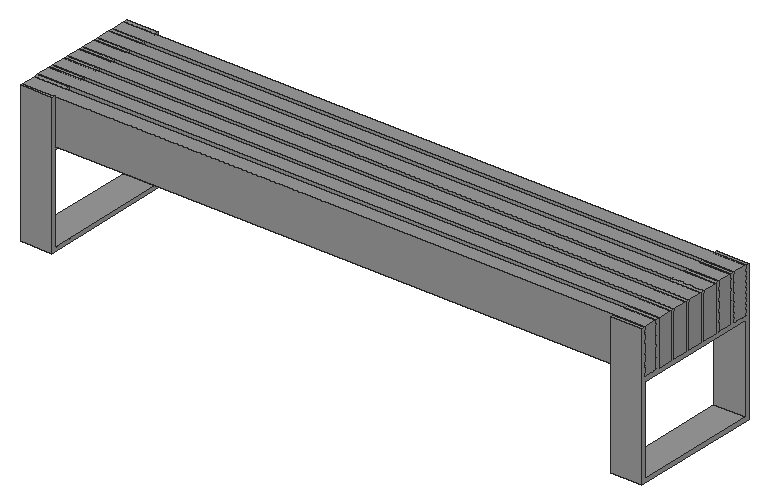
Revit family "Скамейка стальная «Simple line» без спинки Арт 12272", category Антураж, Revit 2018
Family settings
  На основе рабочей плоскости = Нет
  Всегда вертикально = Да
  При загрузке вырезать с полостями = Нет
  Источник визуального образа = Геометрия семейства
  Общий = Нет
  Точка расчета площади = Нет
Parameters (values of type "Версия 2,0 м")
  Ширина = 430 mm  # constant formula
  Цвет опор = Сталь
  Цвет лавки = Дерево
  Описание = if([Версия 1,5 м], "Скамейка стальная «Simple line» без спинки. Версия 1,5 м", if([Версия 1,8 м], "Скамейка стальная «Simple line» без спинки. Версия 1,8 м", "Скамейка стальная «Simple line» без спинки. Версия 2,0 м"))  # "Скамейка стальная «Simple line» без спинки. Версия 2,0 м"
  Материал изделия = "Сталь, дерево"  # constant formula
  Изображение типоразмера = Скамейка стальная «Simple line» без спинки Арт 12272.jpg
  Изготовитель = "ООО «Хоббика»"  # constant formula
  Длина = if([Версия 1,5 м], 1500 mm, if([Версия 1,8 м], 1800 mm, 2000 mm))  # 2000 mm
  Группа модели = "Уличные скамьи"  # constant formula
  Высота = 450 mm  # constant formula
  Версия 2,0 м = not(or([Версия 1,5 м], [Версия 1,8 м]))  # yes
  Версия 1,8 м = no
  Версия 1,5 м = no
  Артикул товара = "Арт. 12272"  # constant formula
  URL = "https://hobbyka.ru/product/skameyka_bez_spinki_simple_line/"
Types (4, lengths in mm): name | Описание | Длина | Версия 2,0 м | Версия 1,8 м | Версия 1,5 м
  (no name) | "Скамейка стальная «Simple line» без спинки. Версия 2,0 м" | 2000 | yes | no | no
  Версия 1,5 м | "Скамейка стальная «Simple line» без спинки. Версия 1,5 м" | 1500 | no | no | yes
  Версия 1,8 м | "Скамейка стальная «Simple line» без спинки. Версия 1,8 м" | 1800 | no | yes | no
  Версия 2,0 м | "Скамейка стальная «Simple line» без спинки. Версия 2,0 м" | 2000 | yes | no | no
Reference planes
  plane 1 "По центру (Вперед/Назад)": y = 0
  plane 2: z = 0
  plane 3 "По центру (Влево/Вправо)": x = 0
  plane 4: x = 2000
  plane 5: y = 430
  plane 6: z = 450
  plane 7: x = 1900
  plane 8: x = 100
Forms (mm)
  Extrusion 1, solid, material "Сталь" <- "Цвет опор"
    sketch origin (0, 0, 0) x (0, 1, 0) y (0, 0, 1)
      loop
        line (430, 450) -> (418, 450) -> (418, 305) -> (372, 305) -> (372, 450) -> (358, 450) -> (358, 305) -> (312, 305) -> (312, 450) -> (298, 450) -> (298, 305) -> (252, 305) -> (252, 450) -> (238, 450) -> (238, 305) -> (192, 305) -> (192, 450) -> (178, 450) -> (178, 305) -> (132, 305) -> (132, 450) -> (118, 450) -> (118, 305) -> (72, 305) -> (72, 450) -> (58, 450) -> (58, 305) -> (12, 305) -> (12, 450) -> (0, 450) -> (0, 0) -> (430, 0) -> (430, 450)
      loop
        line (418, 293) -> (12, 293) -> (12, 12) -> (418, 12) -> (418, 293)
    from 0 to 100
  Extrusion 2, solid, material "Дерево" <- "Цвет лавки"
    sketch origin (300, 3, 0) x (0, 1, 0) y (0, 0, 1)
      loop
        line (415, 450) -> (369, 450) -> (369, 305) -> (415, 305) -> (415, 450)
      loop
        line (355, 450) -> (309, 450) -> (309, 305) -> (355, 305) -> (355, 450)
      loop
        line (295, 450) -> (249, 450) -> (249, 305) -> (295, 305) -> (295, 450)
      loop
        line (235, 450) -> (189, 450) -> (189, 305) -> (235, 305) -> (235, 450)
      loop
        line (175, 450) -> (129, 450) -> (129, 305) -> (175, 305) -> (175, 450)
      loop
        line (115, 450) -> (69, 450) -> (69, 305) -> (115, 305) -> (115, 450)
      loop
        line (55, 450) -> (9, 450) -> (9, 305) -> (55, 305) -> (55, 450)
    from -300 to 1700
  Extrusion 3, solid, material "Сталь" <- "Цвет опор"
    sketch origin (0, 0, 0) x (0, 1, 0) y (0, 0, 1)
      loop
        line (430, 450) -> (418, 450) -> (418, 305) -> (372, 305) -> (372, 450) -> (358, 450) -> (358, 305) -> (312, 305) -> (312, 450) -> (298, 450) -> (298, 305) -> (252, 305) -> (252, 450) -> (238, 450) -> (238, 305) -> (192, 305) -> (192, 450) -> (178, 450) -> (178, 305) -> (132, 305) -> (132, 450) -> (118, 450) -> (118, 305) -> (72, 305) -> (72, 450) -> (58, 450) -> (58, 305) -> (12, 305) -> (12, 450) -> (0, 450) -> (0, 0) -> (430, 0) -> (430, 450)
      loop
        line (418, 293) -> (12, 293) -> (12, 12) -> (418, 12) -> (418, 293)
    from 1900 to 2000
Dimensions and locks
  "Длина": plane 3 "По центру (Влево/Вправо)" to plane 4
  "Ширина": plane 5 to plane 1 "По центру (Вперед/Назад)"
  "Высота": plane 6 to plane 2
  locked: plane 3 "По центру (Влево/Вправо)" to plane 8 at 100
  locked: plane 7 to plane 4 at 100
  aligned and locked: level to plane 2
  aligned and locked: plane 8 to Extrusion 1
  aligned and locked: plane 4 to Extrusion 2
  aligned and locked: plane 4 to Extrusion 3
  aligned and locked: Extrusion 3 to plane 7
  aligned and locked: Extrusion 2 to plane 3 "По центру (Влево/Вправо)"
Automatic sketch dimensions
  Extrusion 1 sketch curve to level = 0 mm
  Extrusion 1 sketch curve to plane 1 "По центру (Вперед/Назад)" = 0 mm
  Extrusion 1 sketch curve to plane 6 = 0 mm  (x8)
  Extrusion 1 sketch curve to plane 5 = 0 mm
  Extrusion 1 sketch curve to plane 1 "По центру (Вперед/Назад)" = 12 mm
  Extrusion 1 sketch curve to Extrusion 1 sketch curve = 0 mm  (x6)
  Extrusion 1 sketch curve to Extrusion 1 sketch curve = 46 mm  (x6)
  Extrusion 1 sketch curve to Extrusion 1 sketch curve = 14 mm  (x6)
  Extrusion 1 sketch curve to plane 5 = 12 mm
  level to Extrusion 1 sketch curve = 12 mm
  Extrusion 1 sketch curve to plane 6 = 157 mm
  Extrusion 1 sketch curve to plane 6 = 145 mm
  Extrusion 1 sketch curve to Extrusion 1 sketch curve = 12 mm  (x2)
  Extrusion 3 sketch curve to level = 0 mm
  Extrusion 3 sketch curve to plane 1 "По центру (Вперед/Назад)" = 0 mm
  Extrusion 3 sketch curve to plane 6 = 0 mm  (x8)
  Extrusion 3 sketch curve to plane 5 = 0 mm
  Extrusion 3 sketch curve to plane 1 "По центру (Вперед/Назад)" = 12 mm
  Extrusion 3 sketch curve to Extrusion 3 sketch curve = 0 mm  (x6)
  Extrusion 3 sketch curve to Extrusion 3 sketch curve = 46 mm  (x6)
  Extrusion 3 sketch curve to Extrusion 3 sketch curve = 14 mm  (x6)
  Extrusion 3 sketch curve to plane 5 = 12 mm
  level to Extrusion 3 sketch curve = 12 mm
  Extrusion 3 sketch curve to plane 6 = 157 mm
  Extrusion 3 sketch curve to plane 6 = 145 mm
  Extrusion 3 sketch curve to Extrusion 3 sketch curve = 12 mm  (x2)
  Extrusion 2 sketch curve to plane 6 = 0 mm  (x7)
  Extrusion 2 sketch curve to plane 1 "По центру (Вперед/Назад)" = 12 mm
  Extrusion 2 sketch curve to Extrusion 2 sketch curve = 46 mm  (x6)
  Extrusion 2 sketch curve to Extrusion 2 sketch curve = 14 mm  (x6)
  Extrusion 2 sketch curve to plane 5 = 12 mm
  Extrusion 2 sketch curve to plane 6 = 145 mm  (x2)
  Extrusion 2 sketch curve to Extrusion 2 sketch curve = 0 mm  (x5)
